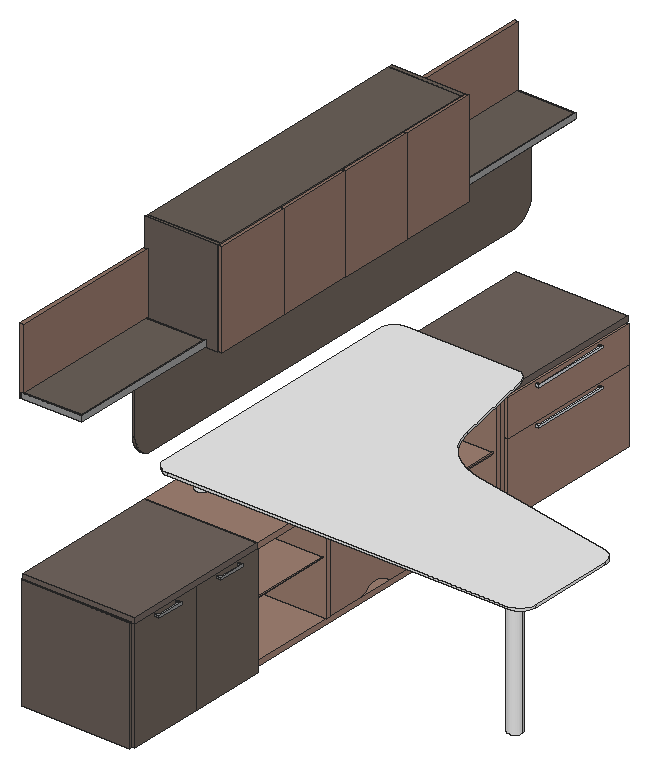
Revit family "T100103", category Furniture, Revit 2022 (continued)
Definition of nested family "OFS STAKS HEIGHT ADJUSTABLE SWEEP TOP DESK 74x60 Top 22D Cabinet"
  Definition of nested family "H4H"
    Automatic sketch dimensions
      Extrusion 3 sketch curve to plane 14 = 0"
      Extrusion 3 sketch curve to plane 8 = 0"
      Extrusion 4 sketch curve to plane 13 = 0"
      Extrusion 4 sketch curve to plane 14 = 0"
      Extrusion 4 sketch curve to plane 11 = 0"
      plane 10 to Extrusion 4 sketch curve = 0"
      Extrusion 5 sketch curve to plane 11 = 0"
      Extrusion 5 sketch curve to plane 12 = 0"
      Extrusion 5 sketch curve to plane 15 = 0"
      Extrusion 5 sketch curve to plane 8 = 0"
      Revolve 6 sketch curve to plane 6 = 0"
      Revolve 6 sketch curve to level = 0"
      level to Revolve 6 sketch curve = 0.28743"
      Revolve 6 sketch curve to plane 13 = 1.02953"
      Revolve 6 sketch curve to Revolve 6 sketch curve = 1/2"  (x2)
      Revolve 6 sketch curve to Revolve 6 sketch curve = 0"  (x3)
      Revolve 6 sketch curve to plane 7 = 1/4"
      Revolve 6 sketch curve to level = 1/2"
      Revolve 7 sketch curve to plane 6 = 0"
      Revolve 7 sketch curve to level = 0"
      level to Revolve 7 sketch curve = 0.28743"
      plane 14 to Revolve 7 sketch curve = 1.02953"
      Revolve 7 sketch curve to Revolve 7 sketch curve = 1/2"  (x2)
      Revolve 7 sketch curve to Revolve 7 sketch curve = 0"  (x2)
      Revolve 7 sketch curve to level = 1/2"
      Revolve 7 sketch curve to Revolve 7 sketch curve = 0.14371"
      Revolve 7 sketch curve to plane 7 = 1/4"
      Extrusion 8 sketch curve to plane 13 = 0"
      Extrusion 8 sketch curve to plane 9 = 0"
      Extrusion 8 sketch curve to plane 10 = 0"
      plane 14 to Extrusion 8 sketch curve = 0"
Definition of nested family "OFS STAKS Rectangular Worksurface 22 Depth Long Grain"
  Parameters (values of type "Rectangular Worksurface 15.625" Width")
    URL = "https://ofs.com/"
    Height = 1"
    Depth = 22"
    Model = "6-MCT-15.625/22"
    Manufacturer = "OFS"
    Description = "OFS STAKS Rectangular Worksurface 15.625\" Width Long Grain"
    Width = 15 5/8"
    Default Elevation = 0"
    Copyright © = "© OFS 2022"
    Catalog = "https://ofs.com/products/workspaces/private-office/staks"
    Authoring Version = "Autodesk Revit Architecture 2015"
    Assembly Code = "E2020200"
  Types (26): name | Height | Depth | Model | Description | Width
    Rectangular Worksurface 15.625" Width | 1" | 22" | "6-MCT-15.625/22" | "OFS STAKS Rectangular Worksurface 15.625\" Width Long Grain" | 15 5/8"
    Rectangular Worksurface 48" Width | 0" | 22" | "6-MCT-48/22" | "OFS STAKS Rectangular Worksurface 48\" Width Long Grain" | 48"
    Rectangular Worksurface 66" Width | 0" | 22" | "6-MCT-66/22" | "OFS STAKS Rectangular Worksurface 66\" Width Long Grain" | 66"
    Rectangular Worksurface 54" Width | 0" | 22" | "6-MCT-54/22" | "OFS STAKS Rectangular Worksurface 54\" Width Long Grain" | 54"
    Rectangular Worksurface 70.5" Width | 0" | 22" | "6-MCT-70.5/22" | "OFS STAKS Rectangular Worksurface 70.5\" Width Long Grain" | 70 1/2"
    Rectangular Worksurface 48.5" Width | 0" | 16 1/2" | "6-MCT-48.5/22" | "OFS STAKS Rectangular Worksurface 48.5\" Width Long Grain" | 48 1/2"
    Rectangular Worksurface 69.625" Width | 0" | 22" | "6-MCT-69.625/22" | "OFS STAKS Rectangular Worksurface 69.625\" Width Long Grain" | 69 5/8"
    Rectangular Worksurface 24" Width | 0" | 22" | "6-MCT-24/22" | "OFS STAKS Rectangular Worksurface 24\" Width Long Grain" | 24"
    Rectangular Worksurface 30" Width | 0" | 22" | "6-MCT-30/22" | "OFS STAKS Rectangular Worksurface 30\" Width Long Grain" | 30"
    Rectangular Worksurface 34" Width | 0" | 22" | "6-MCT-34/22" | "OFS STAKS Rectangular Worksurface 34\" Width Long Grain" | 34"
    Rectangular Worksurface 55.5" Width | 0" | 22" | "6-MCT-55.5/22" | "OFS STAKS Rectangular Worksurface 55.5\" Width Long Grain" | 55 1/2"
    Rectangular Worksurface 72" Width | 0" | 22" | "6-MCT-72/22" | "OFS STAKS Rectangular Worksurface 72\" Width Long Grain" | 72"
    Rectangular Worksurface 82.5" Width | 0" | 22" | "6-MCT-82.5/22" | "OFS STAKS Rectangular Worksurface 82.5\" Width Long Grain" | 82 1/2"
    Rectangular Worksurface 36" Width | 0" | 22" | "6-MCT-36/22" | "OFS STAKS Rectangular Worksurface 36\" Width Long Grain" | 36"
    Rectangular Worksurface 59" Width | 0" | 22" | "6-MCT-59/22" | "OFS STAKS Rectangular Worksurface 59\" Width Long Grain" | 59"
    Rectangular Worksurface 74" Width | 0" | 22" | "6-MCT-74/22" | "OFS STAKS Rectangular Worksurface 74\" Width Long Grain" | 74"
    Rectangular Worksurface 84" Width | 0" | 22" | "6-MCT-84/22" | "OFS STAKS Rectangular Worksurface 84\" Width Long Grain" | 84"
    Rectangular Worksurface 42" Width | 0" | 22" | "6-MCT-42/22" | "OFS STAKS Rectangular Worksurface 42\" Width Long Grain" | 42"
    Rectangular Worksurface 60" Width | 0" | 22" | "6-MCT-60/22" | "OFS STAKS Rectangular Worksurface 60\" Width Long Grain" | 60"
    Rectangular Worksurface 78" Width | 0" | 22" | "6-MCT-78/22" | "OFS STAKS Rectangular Worksurface 78\" Width Long Grain" | 78"
    Rectangular Worksurface 87.625" Width | 0" | 22" | "6-MCT-87.625/22" | "OFS STAKS Rectangular Worksurface 87.625\" Width Long Grain" | 87 5/8"
    Rectangular Worksurface 90" Width | 0" | 22" | "6-MCT-90/22" | "OFS STAKS Rectangular Worksurface 90\" Width Long Grain" | 90"
    Rectangular Worksurface 94" Width | 0" | 22" | "6-MCT-94/22" | "OFS STAKS Rectangular Worksurface 94\" Width Long Grain" | 94"
    Rectangular Worksurface 96" Width | 0" | 22" | "6-MCT-96/22" | "OFS STAKS Rectangular Worksurface 96\" Width Long Grain" | 96"
    Rectangular Worksurface 64" Width | 0" | 22" | "6-MCT-64/22" | "OFS STAKS Rectangular Worksurface 66\" Width Long Grain" | 64"
    Rectangular Worksurface 46" Width | 0" | 22" | "6-MCT-46/22" | "OFS STAKS Rectangular Worksurface 48\" Width Long Grain" | 46"
  Reference planes (in)
    plane 1: z = -0.125
    plane 2 "LEFT": x = 7.55498
    plane 3 "RIGHT": x = 23.17998
    plane 4 "BACK": y = -1.83365
    plane 5 "FRONT": y = -23.83365
    plane 6: x = 7.67998
    plane 7: x = 23.05498
    plane 8: y = -1.95865
    plane 9: y = -23.70865
    plane 10: z = 27.875
    plane 11 "SURFACE TOP": z = 28.875
  Forms (in)
    Extrusion 1, solid
      sketch origin (0, 0, 17.125) x (-1, 0, 0) y (0, -1, 0)
        loop
          line (-7.67998, 1.95865) -> (-7.67998, 23.70865) -> (-23.05498, 23.70865) -> (-23.05498, 1.95865) -> (-7.67998, 1.95865)
      from 11.75 to 10.75
  Lines and regions (in)
    Masking region 1
      outline origin (0, 0, 16.625) x (-1, 0, 0) y (0, -1, 0)
        loop
          line (-7.67998, 1.95865) -> (-7.55498, 1.83365) -> (-7.55498, 23.83365) -> (-7.67998, 23.70865) -> (-7.67998, 1.95865)
    Masking region 2
      outline origin (0, 0, 16.625) x (-1, 0, 0) y (0, -1, 0)
        loop
          line (-7.55498, 1.83365) -> (-7.67998, 1.95865) -> (-23.05498, 1.95865) -> (-23.17998, 1.83365) -> (-7.55498, 1.83365)
    Masking region 3
      outline origin (0, 0, 16.625) x (-1, 0, 0) y (0, -1, 0)
        loop
          line (-23.17998, 1.83365) -> (-23.05498, 1.95865) -> (-23.05498, 23.70865) -> (-23.17998, 23.83365) -> (-23.17998, 1.83365)
    Masking region 4
      outline origin (0, 0, 16.625) x (-1, 0, 0) y (0, -1, 0)
        loop
          line (-23.17998, 23.83365) -> (-23.05498, 23.70865) -> (-7.67998, 23.70865) -> (-7.55498, 23.83365) -> (-23.17998, 23.83365)
    Masking region 5
      outline origin (0, 0, 16.625) x (-1, 0, 0) y (0, -1, 0)
        loop
          line (-23.05498, 23.70865) -> (-23.05498, 1.95865) -> (-7.67998, 1.95865) -> (-7.67998, 23.70865) -> (-23.05498, 23.70865)
  Dimensions and locks (in)
    "Depth": plane 4 "BACK" to plane 5 "FRONT"
    "Width": plane 2 "LEFT" to plane 3 "RIGHT"
    locked: plane 4 "BACK" to plane 8 at 0.125
    locked: plane 2 "LEFT" to plane 6 at 0.125
    locked: plane 7 to plane 3 "RIGHT" at 0.125
    locked: plane 9 to plane 5 "FRONT" at 0.125
    plane 11 "SURFACE TOP" to plane 10 = 1"  (x2)
    aligned: level to plane 1
    aligned and locked: plane 8 to Extrusion 1 sketch curve
    aligned and locked: Extrusion 1 sketch curve to plane 6
    aligned and locked: Extrusion 1 sketch curve to plane 9
    aligned and locked: plane 7 to Extrusion 1 sketch curve
    aligned and locked: plane 11 "SURFACE TOP" to Extrusion 1
    aligned and locked: Extrusion 1 to plane 10
  Automatic sketch dimensions
    Masking region 1 sketch curve to plane 6 = 0"
    Masking region 1 sketch curve to plane 2 "LEFT" = 0"
    Masking region 1 sketch curve to plane 4 "BACK" = 0"
    Masking region 1 sketch curve to plane 8 = 0"
    Masking region 1 sketch curve to plane 9 = 0"
    Masking region 1 sketch curve to plane 5 "FRONT" = 0"
    Masking region 2 sketch curve to plane 3 "RIGHT" = 0"
    Masking region 2 sketch curve to plane 7 = 0"
    Masking region 2 sketch curve to plane 6 = 0"
    Masking region 2 sketch curve to plane 2 "LEFT" = 0"
    Masking region 2 sketch curve to plane 4 "BACK" = 0"
    Masking region 2 sketch curve to plane 8 = 0"
    Masking region 3 sketch curve to plane 3 "RIGHT" = 0"
    Masking region 3 sketch curve to plane 7 = 0"
    Masking region 3 sketch curve to plane 4 "BACK" = 0"
    Masking region 3 sketch curve to plane 8 = 0"
    Masking region 3 sketch curve to plane 9 = 0"
    Masking region 3 sketch curve to plane 5 "FRONT" = 0"
    Masking region 4 sketch curve to plane 3 "RIGHT" = 0"
    Masking region 4 sketch curve to plane 7 = 0"
    Masking region 4 sketch curve to plane 6 = 0"
    Masking region 4 sketch curve to plane 2 "LEFT" = 0"
    Masking region 4 sketch curve to plane 9 = 0"
    Masking region 4 sketch curve to plane 5 "FRONT" = 0"
    Masking region 5 sketch curve to plane 7 = 0"
    Masking region 5 sketch curve to plane 6 = 0"
    Masking region 5 sketch curve to plane 8 = 0"
    Masking region 5 sketch curve to plane 9 = 0"
Definition of nested family "STAKS LOW HEIGHT DOOR CABINET - NO RISER SUPPORT"
  Parameters (values of type "STAKS LOW HEIGHT DOOR CABINET - NO RISER SUPPORT 30 x 22")
    URL = "http://www.ofs.com/"
    Riser Support = 0"
    Model = "6-NL3022MPD4"
    Manufacturer = "OFS"
    Height = 21 7/8"
    Drawer Material = none
    Drawer Handle Width = 5 7/16"
    Drawer Handle Material = none
    Description = "OFS BRANDS FIRST OFFICE STAKS LOW HEIGHT DOOR CABINET - NO RISER SUPPORT 30\" W x 22\" D, One Adjustable Shelf & One Stationary Shelf, Use with 22\"D Worksurfaces"
    Width = 30"
    Depth = 21 7/8"
    Default Elevation = 0"
    DH2 = 6 1/2"
    DH1 = 14 3/8"
    Copyright © = "© 2018 OFS"
    Chasis Material = none
    Catalog = "https://ofs.com/products/casegoods/private-office/staks"
    Board Thickness = 3/4"
    Authoring Version = "Autodesk Revit Architecture 2013"
    Assembly Code = "E2020200"
  Types (6): name | Model | Description | Width | Depth
    STAKS LOW HEIGHT DOOR CABINET - NO RISER SUPPORT 24 x 19 | "6-NL2419MPD4" | "OFS BRANDS FIRST OFFICE STAKS LOW HEIGHT DOOR CABINET - NO RISER SUPPORT 24\" W x 19\" D, One Adjustable Shelf & One Stationary Shelf, Use with 22\"D Worksurfaces" | 24" | 19 3/8"
    STAKS LOW HEIGHT DOOR CABINET - NO RISER SUPPORT 24 x 22 | "6-NL2422MPD4" | "OFS BRANDS FIRST OFFICE STAKS LOW HEIGHT DOOR CABINET - NO RISER SUPPORT 24\" W x 22\" D, One Adjustable Shelf & One Stationary Shelf, Use with 22\"D Worksurfaces" | 24" | 21 7/8"
    STAKS LOW HEIGHT DOOR CABINET - NO RISER SUPPORT 30 x 22 | "6-NL3022MPD4" | "OFS BRANDS FIRST OFFICE STAKS LOW HEIGHT DOOR CABINET - NO RISER SUPPORT 30\" W x 22\" D, One Adjustable Shelf & One Stationary Shelf, Use with 22\"D Worksurfaces" | 30" | 21 7/8"
    STAKS LOW HEIGHT DOOR CABINET - NO RISER SUPPORT 30 x 19 | "6-NL3019MPD4" | "OFS BRANDS FIRST OFFICE STAKS LOW HEIGHT DOOR CABINET - NO RISER SUPPORT 30\" W x 19\" D, One Adjustable Shelf & One Stationary Shelf, Use with 22\"D Worksurfaces" | 30" | 19 3/8"
    STAKS LOW HEIGHT DOOR CABINET - NO RISER SUPPORT 36 x 19 | "6-NL3619MPD4" | "OFS BRANDS FIRST OFFICE STAKS LOW HEIGHT DOOR CABINET - NO RISER SUPPORT 36\" W x 19\" D, One Adjustable Shelf & One Stationary Shelf, Use with 22\"D Worksurfaces" | 36" | 19 3/8"
    STAKS LOW HEIGHT DOOR CABINET - NO RISER SUPPORT 36 x 22 | "6-NL3622MPD4" | "OFS BRANDS FIRST OFFICE STAKS LOW HEIGHT DOOR CABINET - NO RISER SUPPORT 36\" W x 22\" D, One Adjustable Shelf & One Stationary Shelf, Use with 22\"D Worksurfaces" | 36" | 21 7/8"
  Reference planes (in)
    plane 1: z = 0
    plane 2 "Right": x = 20.97711
    plane 3: z = 21.875
    plane 4: z = 14.375
    plane 5: z = 14.25
    plane 6: z = 0
    plane 7: z = 14
    plane 8: z = 21.625
    plane 9: z = 13.531
    plane 10: z = 21.15625
    plane 11: x = 5.97711
    plane 12: y = -1.12465
    plane 13: y = -1.87465
    plane 14: x = 6.03961
    plane 15: x = 35.91411
    plane 16: x = 6.72711
    plane 17: y = 20.00035
    plane 18: x = 35.97711
    plane 19: x = 35.22711
    plane 20: y = -2.68715
    plane 21: y = -2.87465
    plane 22: z = 20.875
    plane 23: z = 20.75
    plane 24: z = 20.5
    plane 25: z = 20.031
    plane 26: z = 0.25
    plane 27: y = 19.25035
    plane 28: z = 0.75
    plane 29: y = 16.75035
    plane 30: y = 1.87535
    plane 31: y = 5.87535
    plane 32: y = 12.75035
    plane 33: y = 2.50035
    plane 34: y = 13.37535
    plane 35: z = 22
    plane 36: x = 21.35211
    plane 37: x = 20.60211
    plane 38: x = 21.04011
    plane 39: x = 20.91461
    plane 40: x = 13.47711
    plane 41: x = 16.19586
    plane 42: x = 10.75836
    plane 43: x = 11.13336
    plane 44: x = 15.82086
    plane 45: x = 28.47711
    plane 46: x = 25.75836
    plane 47: x = 31.19586
    plane 48: x = 30.82086
    plane 49: x = 26.13336
  Forms (in)
    Extrusion 1, solid, material <- "Chasis Material"
      sketch origin (-3, -1.24965, 0) x (1, 0, 0) y (0, 0, 1)
        loop
          line (8.97711, 0) -> (9.72711, 0) -> (9.72711, 21.875) -> (8.97711, 21.875) -> (8.97711, 0)
      from -21.25 to -0.125
    Extrusion 2, solid, material <- "Chasis Material"
      sketch origin (19.35211, 31.02324, 0) x (0, 1, 0) y (0, 0, 1)
        loop
          line (-11.77289, 0) -> (-11.02289, 0) -> (-11.02289, 21.875) -> (-11.77289, 21.875) -> (-11.77289, 0)
      from -12.625 to 15.875
    Extrusion 3, solid, material <- "Chasis Material"
      sketch origin (0, 0, 0) x (1, 0, 0) y (0, 1, 0)
        loop
          line (35.97711, 20.00035) -> (35.22711, 20.00035) -> (35.22711, -1.12465) -> (35.97711, -1.12465) -> (35.97711, 20.00035)
      from 0 to 21.875
    Extrusion 4, solid, material <- "Drawer Material"
      sketch origin (20.35211, 2.25, 0.06985) x (0, 1, 0) y (0, 0, 1)
        loop
          line (-4.12465, 21.80515) -> (-4.12465, 0.18015) -> (-3.37465, 0.18015) -> (-3.37465, 21.80515) -> (-4.12465, 21.80515)
      from -14.3125 to 0.5625
    Extrusion 5, solid, material <- "Drawer Handle Material"
      sketch origin (9, 0, 28.42137) x (1, 0, 0) y (0, 1, 0)
        loop
          line (1.75836, -1.87465) -> (1.75836, -2.87465) -> (7.19586, -2.87465) -> (7.19586, -1.87465) -> (6.82086, -1.87465) -> (6.82086, -2.68715) -> (2.13336, -2.68715) -> (2.13336, -1.87465) -> (1.75836, -1.87465)
      from -7.26512 to -6.79637
    Extrusion 6, solid, material <- "Chasis Material"
      sketch origin (-29.79592, -7.12465, 7.24693) x (1, 0, 0) y (0, 0, 1)
        loop
          line (36.52304, 13.90932) -> (65.02304, 13.90932) -> (65.02304, 14.62807) -> (36.52304, 14.62807) -> (36.52304, 13.90932)
      from -26.375 to -6
    Extrusion 7, solid, material <- "Chasis Material"
      sketch origin (-31.5409, -1.62465, -42.72261) x (1, 0, 0) y (0, 0, 1)
        loop
          line (38.26801, 42.72261) -> (66.76801, 42.72261) -> (66.76801, 43.47261) -> (38.26801, 43.47261) -> (38.26801, 42.72261)
      from -20.875 to -0.5
    Extrusion 8, solid
      sketch origin (0, 0, 0) x (1, 0, 0) y (0, 1, 0)
        loop
          line (35.91411, 20.00035) -> (35.22711, 20.00035) -> (35.22711, -1.12465) -> (35.91411, -1.12465) -> (35.91411, 20.00035)
        loop
          line (6.03961, 20.00035) -> (6.03961, -1.12465) -> (6.72711, -1.12465) -> (6.72711, 20.00035) -> (6.03961, 20.00035)
      from 21.875 to 22
    Extrusion 9, solid, material <- "Drawer Material"
      sketch origin (21.60211, 2.25, 0.06985) x (0, 1, 0) y (0, 0, -1)
        loop
          line (-4.12465, -21.80515) -> (-3.37465, -21.80515) -> (-3.37465, -0.18015) -> (-4.12465, -0.18015) -> (-4.12465, -21.80515)
      from -14.312 to 0.562
    Extrusion 10, solid, material <- "Drawer Handle Material"
      sketch origin (32.95422, 0, 28.42137) x (-1, 0, 0) y (0, -1, 0)
        loop
          line (1.75836, 1.87465) -> (2.13336, 1.87465) -> (2.13336, 2.68715) -> (6.82086, 2.68715) -> (6.82086, 1.87465) -> (7.19586, 1.87465) -> (7.19586, 2.87465) -> (1.75836, 2.87465) -> (1.75836, 1.87465)
      from -7.26512 to -6.79637
  Dimensions and locks (in)
    "Board Thickness": plane 13 to plane 12
    locked: plane 11 to plane 14 at 0.0625
    "Board Thickness": plane 11 to plane 16
    locked: plane 15 to plane 18 at 0.063
    "Width": plane 11 to plane 18
    Extrusion 3 sketch curve to plane 18 = 3/4"
    "Board Thickness": plane 19 to plane 18
    equal spacing: plane 11, plane 2 "Right", plane 18
    plane 21 to plane 20 to plane 13 = 3/16" locked, 13/16" locked
    "Riser Support": plane 6 to level
    "Height": plane 3 to plane 6
    "DH1": plane 4 to plane 6
    "DH2": plane 22 to plane 4
    locked: plane 26 to plane 6 at 0.25
    "Board Thickness": plane 27 to plane 17
    "Depth": plane 13 to plane 17
    plane 4 to plane 5 to plane 7 to plane 9 = 1/8" locked, 1/4" locked, 0.469" locked
    plane 22 to plane 23 to plane 24 to plane 25 = 1/8" locked, 1/4" locked, 0.469" locked
    plane 3 to plane 8 to plane 10 = 1/4" locked, 15/32" locked
    "Board Thickness": plane 28 to plane 6
    plane 12 to plane 30 to plane 31 = 3" locked, 4" locked
    plane 32 to plane 29 to plane 27 = 4" locked, 2 1/2" locked
    locked: plane 30 to plane 33 at 0.625
    locked: plane 32 to plane 34 at 0.625
    locked: plane 35 to plane 3 at 0.125
    equal spacing: plane 37, plane 2 "Right", plane 36
    "Board Thickness": plane 37 to plane 36
    plane 38 to plane 2 "Right" to plane 39 = 0.063", 1/16" locked
    equal spacing: plane 14, plane 40, plane 39
    "Drawer Handle Width": plane 42 to plane 41
    locked: plane 42 to plane 43 at 0.375
    locked: plane 44 to plane 41 at 0.375
    equal spacing: plane 15, plane 45, plane 38
    "Drawer Handle Width": plane 47 to plane 46
    locked: plane 47 to plane 48 at 0.375
    locked: plane 49 to plane 46 at 0.375
    equal spacing: plane 42, plane 40, plane 41
    equal spacing: plane 46, plane 45, plane 47
    aligned and locked: level to plane 1
    aligned and locked: plane 12 to Extrusion 1
    aligned and locked: Extrusion 1 to plane 17
    aligned and locked: Extrusion 2 to plane 16
    aligned and locked: plane 16 to Extrusion 1
    aligned and locked: Extrusion 1 to plane 11
    aligned and locked: Extrusion 2 to plane 17
    aligned and locked: plane 19 to Extrusion 2
    aligned and locked: plane 3 to Extrusion 1
    aligned and locked: plane 3 to Extrusion 2
    aligned and locked: plane 3 to Extrusion 4
    aligned and locked: Extrusion 5 to plane 10
    aligned and locked: plane 8 to Extrusion 5
    aligned and locked: Extrusion 3 to plane 19
    aligned and locked: Extrusion 4 to plane 14
    aligned and locked: plane 3 to Extrusion 3
    aligned and locked: Extrusion 3 to plane 6
    aligned and locked: plane 3 to Extrusion 6
    aligned and locked: Extrusion 6 to plane 10
    aligned and locked: plane 28 to Extrusion 7
    aligned and locked: Extrusion 7 to plane 6
    aligned and locked: Extrusion 7 to plane 27
    aligned and locked: plane 12 to Extrusion 7
    aligned and locked: plane 19 to Extrusion 7
    aligned and locked: Extrusion 7 to plane 16
    aligned and locked: Extrusion 8 to plane 3
    aligned and locked: plane 35 to Extrusion 8
    aligned and locked: Extrusion 4 to plane 26
    aligned and locked: Extrusion 4 to plane 39
    aligned and locked: plane 15 to Extrusion 9
    aligned and locked: Extrusion 9 to plane 26
    aligned and locked: Extrusion 9 to plane 38
    aligned and locked: plane 3 to Extrusion 9
    aligned and locked: Extrusion 5 to plane 42
    aligned and locked: plane 43 to Extrusion 5
    aligned and locked: plane 44 to Extrusion 5
    aligned and locked: Extrusion 5 to plane 41
    aligned and locked: Extrusion 10 to plane 46
    aligned and locked: plane 49 to Extrusion 10
    aligned and locked: plane 48 to Extrusion 10
    aligned and locked: Extrusion 10 to plane 47
    aligned and locked: Extrusion 10 to plane 20
    aligned and locked: plane 21 to Extrusion 10
    aligned and locked: plane 8 to Extrusion 10
    aligned and locked: Extrusion 10 to plane 10
    aligned and locked: Extrusion 2 to plane 6
    aligned and locked: Extrusion 1 to plane 6
    aligned and locked: Extrusion 8 sketch curve to plane 12  (x2)
    aligned and locked: plane 12 to Extrusion 6
    aligned and locked: Extrusion 6 to plane 27
  Automatic sketch dimensions
    level to Extrusion 1 sketch curve = 0"
    Extrusion 1 sketch curve to plane 11 = 0"
    Extrusion 1 sketch curve to plane 3 = 0"
    Extrusion 1 sketch curve to plane 16 = 0"
    level to Extrusion 2 sketch curve = 0"
    Extrusion 2 sketch curve to plane 3 = 0"
    Extrusion 2 sketch curve to plane 17 = 0"
    plane 27 to Extrusion 2 sketch curve = 0"
    plane 12 to Extrusion 3 sketch curve = 0"
    Extrusion 3 sketch curve to plane 18 = 0"
    plane 17 to Extrusion 3 sketch curve = 0"
    Extrusion 4 sketch curve to plane 3 = 0"
    Extrusion 4 sketch curve to plane 13 = 0"
    Extrusion 4 sketch curve to plane 12 = 0"
    Extrusion 4 sketch curve to plane 26 = 0"
    plane 13 to Extrusion 5 sketch curve = 0"  (x2)
    Extrusion 5 sketch curve to plane 42 = 0"
    Extrusion 5 sketch curve to plane 43 = 0"
    plane 20 to Extrusion 5 sketch curve = 0"
    Extrusion 5 sketch curve to plane 44 = 0"
    Extrusion 5 sketch curve to plane 41 = 0"
    plane 21 to Extrusion 5 sketch curve = 0"
    Extrusion 6 sketch curve to plane 10 = 0"
    Extrusion 6 sketch curve to plane 16 = 0"
    Extrusion 6 sketch curve to plane 3 = 0"
    Extrusion 6 sketch curve to plane 19 = 0"
    level to Extrusion 7 sketch curve = 0"
    Extrusion 7 sketch curve to plane 16 = 0"
    Extrusion 7 sketch curve to plane 19 = 0"
    Extrusion 7 sketch curve to plane 28 = 0"
    Extrusion 8 sketch curve to plane 14 = 0"
    Extrusion 8 sketch curve to plane 16 = 0"
    plane 17 to Extrusion 8 sketch curve = 0"  (x2)
    Extrusion 8 sketch curve to plane 15 = 0"
    Extrusion 9 sketch curve to plane 3 = 0"
    Extrusion 9 sketch curve to plane 13 = 0"
    Extrusion 9 sketch curve to plane 12 = 0"
    Extrusion 9 sketch curve to plane 26 = 0"
    plane 13 to Extrusion 10 sketch curve = 0"  (x2)
    Extrusion 10 sketch curve to plane 47 = 0"
    Extrusion 10 sketch curve to plane 48 = 0"
    plane 20 to Extrusion 10 sketch curve = 0"
    Extrusion 10 sketch curve to plane 49 = 0"
    Extrusion 10 sketch curve to plane 46 = 0"
    plane 21 to Extrusion 10 sketch curve = 0"
    Extrusion 8 sketch curve to plane 19 = 0"
Definition of nested family "OFS STAKS File Pedestal No Riser Support 30 Width"
  Parameters (values of type "Low Height Tray/File Pedestal No Riser Support 21.125" Depth")
    URL = "https://ofs.com/"
    Height = 21 7/8"
    Finish Material = none
    Depth = 21 1/8"
    Model = "6-NL3022MPD8"
    Manufacturer = "OFS"
    Description = "OFS STAKS Low Height Tray/File Pedestal No Riser Support 21.125\" Depth 30 Width"
    Width = 30"
    Default Elevation = 0"
    Copyright © = "© OFS 2022"
    Catalog = "https://ofs.com/products/workspaces/private-office/staks"
    Authoring Version = "Autodesk Revit Architecture 2015"
    Assembly Code = "E2020200"
  Types (3): name | Height | Depth | Model | Description
    Low Height Tray/File Pedestal No Riser Support 16.375" Depth | 21.55503" | 16 3/8" | "6-NL2417MPD8" | "OFS STAKS Low Height Tray/File Pedestal No Riser Support 16.375\" Depth 30 Width"
    Low Height Tray/File Pedestal No Riser Support 19.375" Depth | 21 7/8" | 19 3/8" | "6-NL3019MPD8" | "OFS STAKS Low Height Tray/File Pedestal No Riser Support 19.375\" Depth 30 Width"
    Low Height Tray/File Pedestal No Riser Support 21.125" Depth | 21 7/8" | 21 1/8" | "6-NL3022MPD8" | "OFS STAKS Low Height Tray/File Pedestal No Riser Support 21.125\" Depth 30 Width"
  Reference planes (in)
    plane 1: z = -0.125
    plane 2 "LEFT": x = 5.30673
    plane 3 "BACK": y = -1.83365
    plane 4 "FRONT": y = -22.95865
    plane 5: z = 21.75
    plane 6: x = 4.55673
    plane 7: y = -2.58365
    plane 8: y = -22.20865
    plane 9: y = -23.70865
    plane 10: x = 33.80673
    plane 11: z = 14.39873
    plane 12: z = 14.30498
    plane 13: z = 0.375
    plane 14: x = 19.55673
    plane 15: x = 34.55673
    plane 16: x = 11.80498
    plane 17: z = 14.05498
    plane 18: y = -10.52115
    plane 19: x = 27.30848
  Forms (in)
    Extrusion 1, solid, material <- "Finish Material"
      sketch origin (0, 0, 28.875) x (0, 1, 0) y (-1, 0, 0)
        loop
          line (-1.83365, -5.30673) -> (-1.83365, -4.55673) -> (-22.20865, -4.55673) -> (-22.20865, -5.30673) -> (-1.83365, -5.30673)
      from -7.125 to -28.5
    Extrusion 2, solid, material <- "Finish Material"
      sketch origin (39.10996, 0, 28.875) x (0, 1, 0) y (-1, 0, 0)
        loop
          line (-1.83365, 4.55323) -> (-1.83365, 5.30323) -> (-22.20865, 5.30323) -> (-22.20865, 4.55323) -> (-1.83365, 4.55323)
      from -7.44497 to -29
    Extrusion 3, solid, material <- "Finish Material"
      sketch origin (25.88863, -9.15367, 28.875) x (1, 0, 0) y (0, 1, 0)
        loop
          line (8.6681, -13.80498) -> (8.6681, -13.05498) -> (-20.5819, -13.05498) -> (-20.5819, -13.80498) -> (8.6681, -13.80498)
      from -7.125 to -14.47627
    Extrusion 4, solid
      sketch origin (0, 0, 21.0313) x (0, 1, 0) y (-1, 0, 0)
        loop
          line (-23.70865, -11.80498) -> (-23.70865, -27.30848) -> (-22.95865, -27.30848) -> (-22.95865, -26.92998) -> (-23.52115, -26.92998) -> (-23.52115, -12.17998) -> (-22.95865, -12.17998) -> (-22.95865, -11.80498) -> (-23.70865, -11.80498)
      from 0.14878 to -0.31997
    Extrusion 5, solid
      sketch origin (0, 0, 14.05498) x (0, 1, 0) y (-1, 0, 0)
        loop
          line (-23.70865, -11.80498) -> (-23.70865, -27.30848) -> (-22.95865, -27.30848) -> (-22.95865, -26.92998) -> (-23.52115, -26.92998) -> (-23.52115, -12.17998) -> (-22.95865, -12.17998) -> (-22.95865, -11.80498) -> (-23.70865, -11.80498)
      from 0 to -0.46875
    Extrusion 6, solid, material <- "Finish Material"
      sketch origin (25.88863, -9.15367, 21.75508) x (1, 0, 0) y (0, 1, 0)
        loop
          line (8.6681, -13.80498) -> (8.6681, -13.05498) -> (-20.5819, -13.05498) -> (-20.5819, -13.80498) -> (8.6681, -13.80498)
      from -7.4501 to -21.70005
    Extrusion 7, solid
      sketch origin (0, 0, 28.875) x (0, 1, 0) y (-1, 0, 0)
        loop
          line (-2.58365, -4.55673) -> (-6.58365, -4.55673) -> (-6.58365, -33.80673) -> (-2.58365, -33.80673) -> (-2.58365, -4.55673)
      from -27.75 to -28.5
    Extrusion 8, solid, material <- "Finish Material"
      sketch origin (0, 0, 7.93003) x (0, 1, 0) y (-1, 0, 0)
        loop
          line (-2.58365, -4.55673) -> (-22.20865, -4.55673) -> (-22.20865, -33.80673) -> (-2.58365, -33.80673) -> (-2.58365, -4.55673)
      from 13.10127 to 13.5
    Extrusion 9, solid
      sketch origin (0, -21.13606, 28.875) x (0, -1, 0) y (1, 0, 0)
        loop
          line (1.0726, 4.55673) -> (1.0726, 33.80673) -> (-2.9274, 33.80673) -> (-2.9274, 4.55673) -> (1.0726, 4.55673)
      from -27.75 to -28.5
  Dimensions and locks (in)
    "Height": plane 5 to level
    "Depth": plane 3 "BACK" to plane 4 "FRONT"
    plane 3 "BACK" to plane 18 to plane 4 "FRONT" = 8 11/16", 12 7/16"
    locked: plane 3 "BACK" to plane 7 at 0.75
    locked: plane 4 "FRONT" to plane 8 at 0.75
    locked: plane 10 to plane 15 at 0.75
    plane 16 to plane 14 = 7.75175"
    plane 4 "FRONT" to plane 9 = 3/4"
    locked: plane 5 to Extrusion 8 at 0.7187
    locked: plane 6 to plane 2 "LEFT" at 0.75
    locked: plane 7 to Extrusion 7 at 4
    locked: plane 8 to Extrusion 9 at 4
    equal spacing: plane 6, plane 14, plane 15
    "Width": plane 6 to plane 15
    aligned: level to plane 1
    aligned and locked: plane 16 to Extrusion 4  (x2)
    aligned and locked: plane 16 to Extrusion 5
    aligned and locked: plane 5 to Extrusion 1
    aligned and locked: Extrusion 1 to plane 5
    aligned and locked: plane 3 "BACK" to Extrusion 1
    aligned and locked: Extrusion 3 to Extrusion 1
    aligned and locked: Extrusion 2 to Extrusion 3
    aligned and locked: Extrusion 1 to Extrusion 3
    aligned and locked: Extrusion 2 to Extrusion 6
    aligned and locked: Extrusion 6 to Extrusion 1
    aligned and locked: plane 17 to Extrusion 5
    aligned and locked: plane 12 to Extrusion 6
    aligned and locked: Extrusion 3 to plane 11
    aligned and locked: plane 4 "FRONT" to Extrusion 3
    aligned and locked: Extrusion 1 to plane 2 "LEFT"
    aligned and locked: Extrusion 1 to plane 6
    aligned and locked: Extrusion 2 to plane 10
    aligned and locked: plane 4 "FRONT" to Extrusion 5  (x2)
    aligned and locked: plane 9 to Extrusion 5
    aligned and locked: plane 4 "FRONT" to Extrusion 4  (x2)
    aligned and locked: plane 9 to Extrusion 4  (x2)
    aligned and locked: plane 8 to Extrusion 1
    aligned and locked: plane 8 to Extrusion 2
    aligned and locked: Extrusion 7 sketch curve to plane 6
    aligned and locked: Extrusion 7 sketch curve to plane 10
    aligned and locked: Extrusion 7 to plane 13
    aligned and locked: Extrusion 7 to Extrusion 2
    aligned and locked: plane 6 to Extrusion 7
    aligned and locked: Extrusion 2 to plane 15
    aligned and locked: plane 5 to Extrusion 3
    aligned and locked: plane 19 to Extrusion 4
    aligned and locked: plane 6 to Extrusion 8  (x4)
    aligned and locked: plane 2 "LEFT" to Extrusion 1  (x2)
    aligned and locked: plane 6 to Extrusion 1
    aligned and locked: Extrusion 9 to Extrusion 1
  Automatic sketch dimensions
    Extrusion 1 sketch curve to plane 2 "LEFT" = 0"
    plane 8 to Extrusion 1 sketch curve = 0"
    Extrusion 1 sketch curve to plane 3 "BACK" = 0"
    Extrusion 1 sketch curve to plane 6 = 0"
    plane 8 to Extrusion 2 sketch curve = 0"
    Extrusion 2 sketch curve to plane 3 "BACK" = 0"
    Extrusion 2 sketch curve to plane 10 = 0"
    Extrusion 2 sketch curve to plane 15 = 0"
    Extrusion 3 sketch curve to plane 2 "LEFT" = 0"
    Extrusion 3 sketch curve to plane 4 "FRONT" = 0"
    Extrusion 3 sketch curve to plane 15 = 0"
    plane 8 to Extrusion 3 sketch curve = 0"
    plane 9 to Extrusion 4 sketch curve = 0"
    Extrusion 4 sketch curve to plane 4 "FRONT" = 0"  (x2)
    Extrusion 4 sketch curve to plane 19 = 0"
    Extrusion 4 sketch curve to plane 16 = 0"
    Extrusion 4 sketch curve to plane 9 = 3/16"
    Extrusion 4 sketch curve to plane 19 = 0.3785"
    Extrusion 4 sketch curve to plane 16 = 3/8"
    plane 9 to Extrusion 5 sketch curve = 0"
    Extrusion 5 sketch curve to plane 4 "FRONT" = 0"  (x2)
    Extrusion 5 sketch curve to plane 19 = 0"
    Extrusion 5 sketch curve to plane 16 = 0"
    Extrusion 5 sketch curve to plane 9 = 3/16"
    Extrusion 5 sketch curve to plane 19 = 0.3785"
    Extrusion 5 sketch curve to plane 16 = 3/8"
    Extrusion 6 sketch curve to plane 2 "LEFT" = 0"
    Extrusion 6 sketch curve to plane 4 "FRONT" = 0"
    Extrusion 6 sketch curve to plane 15 = 0"
    plane 8 to Extrusion 6 sketch curve = 0"
    Extrusion 7 sketch curve to plane 7 = 0"
    Extrusion 7 sketch curve to plane 18 = 3 15/16"
    Extrusion 8 sketch curve to plane 6 = 0"
    plane 8 to Extrusion 8 sketch curve = 0"
    Extrusion 8 sketch curve to plane 7 = 0"
    Extrusion 8 sketch curve to plane 10 = 0"
    Extrusion 9 sketch curve to plane 6 = 0"
    Extrusion 9 sketch curve to plane 10 = 0"
    plane 8 to Extrusion 9 sketch curve = 0"
    plane 18 to Extrusion 9 sketch curve = 7 11/16"
Definition of nested family "STAKS WALLMOUNT ORGANIZER WITH DOORS Four Doors"
  Parameters (values of type "STAKS WALLMOUNT ORGANIZER WITH DOORS Four Doors 60in W")
    URL = "http://www.ofs.com/"
    Top Board Thickness = 1 1/16"
    Height Above Floor [instance] = 71 1/2"
    Height = 18 1/2"
    Front Doors Material = none
    Default Elevation = 0"
    Back Material = none
    Depth = 15"
    Model = "6-6019HDW4"
    Manufacturer = "OFS"
    Description = "OFS STAKS WALLMOUNT ORGANIZER WITH DOORS Four Hinged Doors 60\" Width, for use with 60\"W Credenzas"
    Width = 60"
    Copyright © = "© 2018 OFS"
    Catalog = "https://ofs.com/products/casegoods/private-office/staks"
    Board Material = none
    Board Thickness = 3/4"
    Authoring Version = "Autodesk Revit Architecture 2013"
    Assembly Code = "E2020200"
    2D Symbol Lines [instance] = yes
  Types (6): name | Model | Description | Width
    STAKS WALLMOUNT ORGANIZER WITH DOORS Four Doors 54in W | "6-5419HDW4" | "OFS STAKS WALLMOUNT ORGANIZER WITH DOORS Four Hinged Doors 54\" Width, for use with 54\"W Modular Units" | 54"
    STAKS WALLMOUNT ORGANIZER WITH DOORS Four Doors 60in W | "6-6019HDW4" | "OFS STAKS WALLMOUNT ORGANIZER WITH DOORS Four Hinged Doors 60\" Width, for use with 60\"W Credenzas" | 60"
    STAKS WALLMOUNT ORGANIZER WITH DOORS Four Doors 66in W | "6-6619HDW4" | "OFS STAKS WALLMOUNT ORGANIZER WITH DOORS Four Hinged Doors 66\" Width, for use with 66\"W Credenzas" | 66"
    STAKS WALLMOUNT ORGANIZER WITH DOORS Four Doors 72in W | "6-7219HDW4" | "OFS STAKS WALLMOUNT ORGANIZER WITH DOORS Four Hinged Doors 72\" Width, for use with 72\"W Credenzas or 30\"W Desk and 42\"W Return" | 72"
    STAKS WALLMOUNT ORGANIZER WITH DOORS Four Doors 78in W | "6-7819HDW4" | "OFS STAKS WALLMOUNT ORGANIZER WITH DOORS Four Hinged Doors 78\" Width, for use with L Units Comprised of 36\"W Desk and 42\"W Return or 30\"W Desk and 48\"W Return" | 78"
    STAKS WALLMOUNT ORGANIZER WITH DOORS Four Doors 84in W | "6-8419HDW4" | "OFS STAKS WALLMOUNT ORGANIZER WITH DOORS Four Hinged Doors 84\" Width, for use with L Units Comprised of 36\"W Desk and 48\"W Return" | 84"
  Reference planes (in)
    plane 1: z = -0.125
    plane 2 "LEFT": x = -2.94502
    plane 3 "RIGHT": x = 57.05498
    plane 4 "BACK": y = -1.83365
    plane 5 "FRONT": y = -15.33365
    plane 6: x = -2.19502
    plane 7: x = 56.30498
    plane 8: z = 52.875
    plane 9 "SURFACE TOP": z = 71.375
    plane 10: x = 27.05498
    plane 11: z = 70.3125
    plane 12: y = -8.58365
    plane 13: y = -8.20865
    plane 14: y = -8.95865
    plane 15: x = 27.42998
    plane 16: x = 26.67998
    plane 17: y = -1.08365
    plane 18: y = -16.08365
    plane 19: x = 56.99248
    plane 20: x = -2.88252
    plane 21: x = 27.08623
    plane 22: x = 27.02373
    plane 23: z = 54.125
    plane 24: z = 54.875
    plane 25: y = -1.58365
    plane 26: y = -2.33365
    plane 27: y = -13.83365
    plane 28: y = -14.58365
    plane 29: x = 42.05498
    plane 30: x = 40.92998
    plane 31: x = 43.17998
    plane 32: x = 42.08623
    plane 33: x = 42.02373
    plane 34: x = 12.05498
    plane 35: x = 13.17998
    plane 36: x = 10.92998
    plane 37: x = 12.02373
    plane 38: x = 12.08623
  Forms (in)
    Extrusion 1, solid, material <- "Board Material"
      sketch origin (0, 0, 71.375) x (0, 1, 0) y (-1, 0, 0)
        loop
          line (-2.33365, 2.19502) -> (-15.33365, 2.19502) -> (-15.33365, -56.30498) -> (-2.33365, -56.30498) -> (-2.33365, 2.19502)
      from -16.5 to -17.25
    Extrusion 2, solid, material <- "Board Material"
      sketch origin (0, 0, 71.375) x (0, 1, 0) y (-1, 0, 0)
        loop
          line (-1.08365, 2.19502) -> (-1.08365, 2.94502) -> (-15.33365, 2.94502) -> (-15.33365, 2.19502) -> (-1.08365, 2.19502)
        loop
          line (-1.08365, -57.05498) -> (-1.08365, -56.30498) -> (-15.33365, -56.30498) -> (-15.33365, -57.05498) -> (-1.08365, -57.05498)
      from 0 to -18.5
    Extrusion 3, solid, material <- "Board Material"
      sketch origin (0, 0, 27.375) x (0, 1, 0) y (-1, 0, 0)
        loop
          line (-1.08365, 2.19502) -> (-15.33365, 2.19502) -> (-15.33365, -56.30498) -> (-1.08365, -56.30498) -> (-1.08365, 2.19502)
      from 44 to 42.9375
    Extrusion 4, solid, material <- "Back Material"
      sketch origin (30.99601, 21.63396, 71.375) x (0, 1, 0) y (-1, 0, 0)
        loop
          line (-23.21762, 33.19103) -> (-23.96762, 33.19103) -> (-23.96762, -25.30897) -> (-23.21762, -25.30897) -> (-23.21762, 33.19103)
      from -1.0625 to -18.5
    Extrusion 5, solid, material <- "Front Doors Material"
      sketch origin (15.4691, -10.89295, 71.375) x (0, 1, 0) y (-1, 0, 0)
        loop
          line (-4.4407, -11.61714) -> (-5.1907, -11.61714) -> (-5.1907, -26.55464) -> (-4.4407, -26.55464) -> (-4.4407, -11.61714)
      from 0 to -18.5
    Extrusion 6, solid, material <- "Front Doors Material"
      sketch origin (38.64087, -10.89295, 71.375) x (0, 1, 0) y (-1, 0, 0)
        loop
          line (-4.4407, 26.61714) -> (-4.4407, 41.52339) -> (-5.1907, 41.52339) -> (-5.1907, 26.61714) -> (-4.4407, 26.61714)
      from 0 to -18.5
    Extrusion 7, solid, material <- "Board Material"
      sketch origin (0, -9.75, 71.375) x (0, 1, 0) y (-1, 0, 0)
        loop
          line (-4.08365, 2.19502) -> (-4.83365, 2.19502) -> (-4.83365, -56.30498) -> (-4.08365, -56.30498) -> (-4.08365, 2.19502)
      from -17.25 to -18.5
    Extrusion 8, solid, material <- "Front Doors Material"
      sketch origin (38.64087, -10.89295, 71.375) x (0, 1, 0) y (-1, 0, 0)
        loop
          line (-4.4407, 11.61714) -> (-4.4407, 26.55464) -> (-5.1907, 26.55464) -> (-5.1907, 11.61714) -> (-4.4407, 11.61714)
      from 0 to -18.5
    Extrusion 9, solid, material <- "Front Doors Material"
      sketch origin (15.4691, -10.89295, 71.375) x (0, 1, 0) y (-1, 0, 0)
        loop
          line (-4.4407, -26.61714) -> (-5.1907, -26.61714) -> (-5.1907, -41.52339) -> (-4.4407, -41.52339) -> (-4.4407, -26.61714)
      from 0 to -18.5
  Dimensions and locks (in)
    "Width": plane 2 "LEFT" to plane 3 "RIGHT"
    "Height": plane 9 "SURFACE TOP" to plane 8
    "Board Thickness": plane 2 "LEFT" to plane 6
    "Board Thickness": plane 7 to plane 3 "RIGHT"
    "Height Above Floor": plane 9 "SURFACE TOP" to level
    "Top Board Thickness": plane 9 "SURFACE TOP" to plane 11
    equal spacing: plane 4 "BACK", plane 12, plane 5 "FRONT"
    equal spacing: plane 13, plane 12, plane 14
    "Board Thickness": plane 13 to plane 14
    equal spacing: plane 16, plane 10, plane 15
    "Board Thickness": plane 16 to plane 15
    "Depth": plane 17 to plane 18
    "Board Thickness": plane 17 to plane 4 "BACK"
    "Board Thickness": plane 5 "FRONT" to plane 18
    locked: plane 19 to plane 3 "RIGHT" at 0.0625
    locked: plane 2 "LEFT" to plane 20 at 0.0625
    plane 22 to plane 10 to plane 21 = 1/32" locked, 1/32" locked
    locked: plane 23 to plane 8 at 1.25
    "Board Thickness": plane 24 to plane 23
    locked: plane 17 to plane 25 at 0.5
    "Board Thickness": plane 25 to plane 26
    locked: plane 28 to plane 5 "FRONT" at 0.75
    "Board Thickness": plane 27 to plane 28
    equal spacing: plane 30, plane 29, plane 31
    plane 33 to plane 29 to plane 32 = 1/32" locked, 1/32" locked
    equal spacing: plane 35, plane 34, plane 36
    plane 38 to plane 34 to plane 37 = 1/32" locked, 1/32" locked
    equal spacing: plane 2 "LEFT", plane 34, plane 10, plane 29, plane 3 "RIGHT"
    aligned: level to plane 1
    aligned and locked: plane 6 to Extrusion 1 sketch curve
    aligned and locked: plane 5 "FRONT" to Extrusion 1 sketch curve
    aligned and locked: Extrusion 1 sketch curve to plane 7
    aligned and locked: Extrusion 2 sketch curve to plane 5 "FRONT"
    aligned and locked: Extrusion 2 sketch curve to plane 2 "LEFT"
    aligned and locked: plane 3 "RIGHT" to Extrusion 2 sketch curve
    aligned and locked: Extrusion 3 to plane 9 "SURFACE TOP"
    aligned and locked: Extrusion 3 to plane 11
    aligned and locked: Extrusion 3 to plane 5 "FRONT"
    aligned and locked: Extrusion 3 to plane 6
    aligned and locked: plane 7 to Extrusion 3
    aligned and locked: Extrusion 4 to plane 8
    aligned and locked: plane 9 "SURFACE TOP" to Extrusion 5
    aligned and locked: Extrusion 5 to plane 8
    aligned and locked: plane 5 "FRONT" to Extrusion 5
    aligned and locked: Extrusion 5 to plane 18
    aligned and locked: Extrusion 5 to plane 21
    aligned and locked: plane 5 "FRONT" to Extrusion 6
    aligned and locked: Extrusion 6 to plane 18
    aligned and locked: Extrusion 6 to plane 8
    aligned and locked: plane 17 to Extrusion 3
    aligned and locked: plane 17 to Extrusion 2
    aligned and locked: Extrusion 4 to plane 6
    aligned and locked: plane 7 to Extrusion 4
    aligned and locked: Extrusion 4 to plane 11
    aligned and locked: plane 25 to Extrusion 4
    aligned and locked: Extrusion 4 to plane 26
    aligned and locked: plane 26 to Extrusion 1
    aligned and locked: Extrusion 7 to plane 8
    aligned and locked: plane 23 to Extrusion 7
    aligned and locked: plane 28 to Extrusion 7
    aligned and locked: Extrusion 7 to plane 27
    aligned and locked: Extrusion 7 to plane 6
    aligned and locked: plane 7 to Extrusion 7
    aligned and locked: Extrusion 2 to plane 8
    aligned and locked: Extrusion 1 to plane 23
    aligned and locked: plane 24 to Extrusion 1
    aligned and locked: Extrusion 6 to plane 20
    aligned and locked: Extrusion 6 to plane 37
    aligned and locked: Extrusion 5 to plane 33
    aligned and locked: plane 19 to Extrusion 9
    aligned and locked: Extrusion 9 to plane 18
    aligned and locked: plane 5 "FRONT" to Extrusion 9
    aligned and locked: Extrusion 9 to plane 32
    aligned and locked: Extrusion 8 to plane 22
    aligned and locked: Extrusion 8 to plane 18
    aligned and locked: plane 5 "FRONT" to Extrusion 8
    aligned and locked: Extrusion 8 to plane 38
    aligned and locked: Extrusion 8 to plane 8
    aligned and locked: plane 9 "SURFACE TOP" to Extrusion 8
    aligned and locked: Extrusion 9 to plane 9 "SURFACE TOP"
    aligned and locked: Extrusion 9 to plane 8
  Automatic sketch dimensions
    Extrusion 1 sketch curve to plane 26 = 0"
    Extrusion 2 sketch curve to plane 5 "FRONT" = 0"
    Extrusion 2 sketch curve to plane 7 = 0"
    Extrusion 2 sketch curve to plane 17 = 0"  (x2)
    Extrusion 2 sketch curve to plane 6 = 0"
    Extrusion 3 sketch curve to plane 5 "FRONT" = 0"
    Extrusion 3 sketch curve to plane 6 = 0"
    Extrusion 3 sketch curve to plane 17 = 0"
    Extrusion 3 sketch curve to plane 7 = 0"
    Extrusion 4 sketch curve to plane 6 = 0"
    Extrusion 4 sketch curve to plane 26 = 0"
    Extrusion 4 sketch curve to plane 25 = 0"
    Extrusion 4 sketch curve to plane 7 = 0"
    Extrusion 5 sketch curve to plane 18 = 0"
    Extrusion 5 sketch curve to plane 5 "FRONT" = 0"
    Extrusion 5 sketch curve to plane 33 = 0"
    Extrusion 5 sketch curve to plane 21 = 0"
    Extrusion 6 sketch curve to plane 18 = 0"
    Extrusion 6 sketch curve to plane 5 "FRONT" = 0"
    Extrusion 6 sketch curve to plane 20 = 0"
    Extrusion 6 sketch curve to plane 37 = 0"
    Extrusion 7 sketch curve to plane 6 = 0"
    Extrusion 7 sketch curve to plane 28 = 0"
    Extrusion 7 sketch curve to plane 27 = 0"
    Extrusion 7 sketch curve to plane 7 = 0"
    Extrusion 8 sketch curve to plane 18 = 0"
    plane 5 "FRONT" to Extrusion 8 sketch curve = 0"
    Extrusion 8 sketch curve to plane 38 = 0"
    Extrusion 8 sketch curve to plane 22 = 0"
    plane 18 to Extrusion 9 sketch curve = 0"
    Extrusion 9 sketch curve to plane 5 "FRONT" = 0"
    Extrusion 9 sketch curve to plane 19 = 0"
    plane 32 to Extrusion 9 sketch curve = 0"
Definition of nested family "STAKS TRANSACTION COUNTER 30in"
  Parameters (values of type "STAKS TRANSACTION COUNTER 30in")
    URL = "http://www.ofs.com/"
    Top Board Thickness = 1 1/8"
    Height = 13"
    Edge Material = none
    Default Elevation = 0"
    Back Material = none
    Depth = 12"
    Model = "6-3014WS"
    Manufacturer = "OFS"
    Description = "OFS STAKS TRANSACTION COUNTER 30\" Width, Sits on Worksurface Height Worksurface"
    Width = 30"
    Copyright © = "© 2018 OFS"
    Catalog = "https://ofs.com/products/casegoods/private-office/staks"
    Board Material = none
    Board Thickness = 3/4"
    Authoring Version = "Autodesk Revit Architecture 2013"
    Assembly Code = "E2020200"
  Reference planes (in)
    plane 1: z = -0.125
    plane 2 "LEFT": x = 12.05498
    plane 3 "RIGHT": x = 42.05498
    plane 4 "BACK": y = -1.83365
    plane 5 "FRONT": y = -12.33365
    plane 6: z = 29.5
    plane 7: z = 30.25
    plane 8: x = 27.05498
    plane 9: z = 41.375
    plane 10: y = -7.08365
    plane 11: y = -6.70865
    plane 12: y = -7.45865
    plane 13: y = -1.08365
    plane 14: y = -13.08365
    plane 15: x = 41.92998
    plane 16: x = 12.17998
    plane 17: x = 27.08623
    plane 18: x = 27.02373
    plane 19: z = 29.75
    plane 20: y = -12.95865
    plane 21: y = -1.20865
  Forms (in)
    Extrusion 1, solid, material <- "Back Material"
      sketch origin (30.99601, 21.63396, 42.5) x (0, 1, 0) y (-1, 0, 0)
        loop
          line (-22.71762, 18.94222) -> (-23.46762, 18.94222) -> (-23.46762, -11.06016) -> (-22.71762, -11.06016) -> (-22.71762, 18.94222)
      from -1.125 to -13
    Sweep 2, solid, material <- "Edge Material"
      path in 3D
        loop
          line (12.17998, -12.95865, 29.5) -> (41.92998, -12.95865, 29.5) -> (41.92998, -1.20865, 29.5) -> (12.17998, -1.20865, 29.5) -> (12.17998, -12.95865, 29.5)
      profile origin (12.17998, -7.08365, 29.5) x (1, 0, 0) y (0, 0, 1)
        loop
          line (0, 0) -> (-0.12619, 0) -> (-0.12619, -1.125) -> (0, -1.125) -> (0, 0)
    Extrusion 3, solid, material <- "Board Material"
      sketch origin (0, 0, 14.375) x (0, 1, 0) y (-1, 0, 0)
        loop
          line (-1.20865, -12.17998) -> (-12.95865, -12.17998) -> (-12.95865, -41.92998) -> (-1.20865, -41.92998) -> (-1.20865, -12.17998)
      from 15.125 to 14
  Lines and regions (in)
    sketch lines
      curve 1: line (12.17998, -1.20865, 29.5) -> (12.17998, -12.95865, 29.5)
      curve 2: line (41.92998, -1.20865, 29.5) -> (12.17998, -1.20865, 29.5)
      curve 3: line (41.92998, -12.95865, 29.5) -> (41.92998, -1.20865, 29.5)
      curve 4: line (12.17998, -12.95865, 29.5) -> (41.92998, -12.95865, 29.5)
  Dimensions and locks (in)
    "Width": plane 2 "LEFT" to plane 3 "RIGHT"
    "Board Thickness": plane 7 to plane 6
    equal spacing: plane 2 "LEFT", plane 8, plane 3 "RIGHT"
    equal spacing: plane 4 "BACK", plane 10, plane 5 "FRONT"
    equal spacing: plane 11, plane 10, plane 12
    "Board Thickness": plane 11 to plane 12
    "Depth": plane 13 to plane 14
    "Board Thickness": plane 13 to plane 4 "BACK"
    "Board Thickness": plane 5 "FRONT" to plane 14
    locked: plane 15 to plane 3 "RIGHT" at 0.125
    locked: plane 2 "LEFT" to plane 16 at 0.125
    plane 18 to plane 8 to plane 17 = 1/32" locked, 1/32" locked
    locked: plane 19 to plane 6 at 0.25
    locked: plane 20 to plane 14 at 0.125
    locked: plane 13 to plane 21 at 0.125
    aligned: level to plane 1
    aligned and locked: Extrusion 1 to plane 4 "BACK"
    aligned and locked: plane 13 to Extrusion 1
    aligned and locked: plane 9 to Extrusion 1
    aligned and locked: Extrusion 1 to plane 6
  Automatic sketch dimensions
    Extrusion 1 sketch curve to plane 4 "BACK" = 0"
    Extrusion 1 sketch curve to plane 13 = 0"
    Sweep 2 sketch curve to profile plane = 0"
    profile plane to Sweep 2 sketch curve = 0"
    Sweep 2 sketch curve to Sweep 2 sketch curve = 0.12619"
    Sweep 2 sketch curve to profile plane = 1 1/8"
    Extrusion 3 sketch curve to plane 16 = 0"
    Extrusion 3 sketch curve to plane 20 = 0"
    Extrusion 3 sketch curve to plane 21 = 0"
    Extrusion 3 sketch curve to plane 15 = 0"
    plane 3 "RIGHT" to Extrusion 1 sketch curve = 0.00119"
    Extrusion 1 sketch curve to plane 2 "LEFT" = 0.00119"
Definition of nested family "STAKS FABRIC TACKBOARD WITH ROUNDED CORNERS FOR SPINE OR DIVIDER WALL"
  Parameters (values of type "STAKS FABRIC TACKBOARD WITH ROUNDED CORNERS FOR SPINE OR DIVIDER WALL 18H x 74-96W")
    URL = "http://www.ofs.com/"
    Height Above Floor [instance] = 47 1/2"
    Height = 18"
    Depth = 1/2"
    Model = "FTR10C"
    Manufacturer = "OFS"
    Description = "OFS STAKS FABRIC TACKBOARD WITH ROUNDED CORNERS FOR SPINE OR DIVIDER WALL 18\" Height X 74\" - 96\" Width, Any Width in 1/8\" Increments available within Ranges Shown"
    Width = 74"
    Default Elevation = 0"
    Copyright © = "© 2018 OFS"
    Catalog = "https://ofs.com/products/casegoods/private-office/staks"
    Authoring Version = "Autodesk Revit Architecture 2013"
    Assembly Code = "E2020200"
  Types (6): name | Height Above Floor | Height | Model | Description | Width
    STAKS FABRIC TACKBOARD WITH ROUNDED CORNERS FOR SPINE OR DIVIDER WALL 12H x 27-48.9375W | 41 1/2" | 12" | "FTR10D" | "OFS STAKS FABRIC TACKBOARD WITH ROUNDED CORNERS FOR SPINE OR DIVIDER WALL 12\" Height X 27\" - 48.9375\" Width, Any Width in 1/8\" Increments available within Ranges Shown" | 27"
    STAKS FABRIC TACKBOARD WITH ROUNDED CORNERS FOR SPINE OR DIVIDER WALL 12H x 74-96W | 41 1/2" | 12" | "FTR10F" | "OFS STAKS FABRIC TACKBOARD WITH ROUNDED CORNERS FOR SPINE OR DIVIDER WALL 12\" Height X 74\" - 96\" Width, Any Width in 1/8\" Increments available within Ranges Shown" | 74"
    STAKS FABRIC TACKBOARD WITH ROUNDED CORNERS FOR SPINE OR DIVIDER WALL 12H x 49-73.9375W | 41 1/2" | 12" | "FTR10E" | "OFS STAKS FABRIC TACKBOARD WITH ROUNDED CORNERS FOR SPINE OR DIVIDER WALL 12\" Height X 49\" - 73.9375\" Width, Any Width in 1/8\" Increments available within Ranges Shown" | 49"
    STAKS FABRIC TACKBOARD WITH ROUNDED CORNERS FOR SPINE OR DIVIDER WALL 18H x 27-48.9375W | 47 1/2" | 18" | "FTR10A" | "OFS STAKS FABRIC TACKBOARD WITH ROUNDED CORNERS FOR SPINE OR DIVIDER WALL 18\" Height X 27\" - 48.9375\" Width, Any Width in 1/8\" Increments available within Ranges Shown" | 27"
    STAKS FABRIC TACKBOARD WITH ROUNDED CORNERS FOR SPINE OR DIVIDER WALL 18H x 49-73.9375W | 47 1/2" | 18" | "FTR10B" | "OFS STAKS FABRIC TACKBOARD WITH ROUNDED CORNERS FOR SPINE OR DIVIDER WALL 18\" Height X 49\" - 73.9375\" Width, Any Width in 1/8\" Increments available within Ranges Shown" | 49"
    STAKS FABRIC TACKBOARD WITH ROUNDED CORNERS FOR SPINE OR DIVIDER WALL 18H x 74-96W | 47 1/2" | 18" | "FTR10C" | "OFS STAKS FABRIC TACKBOARD WITH ROUNDED CORNERS FOR SPINE OR DIVIDER WALL 18\" Height X 74\" - 96\" Width, Any Width in 1/8\" Increments available within Ranges Shown" | 74"
  Reference planes (in)
    plane 1: z = -0.125
    plane 2 "LEFT": x = 7.55498
    plane 3 "RIGHT": x = 81.55498
    plane 4 "BACK": y = -1.83365
    plane 5 "FRONT": y = -2.33365
    plane 6: x = 7.67998
    plane 7: x = 81.42998
    plane 8: y = -1.95865
    plane 9: y = -2.20865
    plane 10: z = 29.375
    plane 11 "SURFACE TOP": z = 47.375
  Forms (in)
    Extrusion 1, solid
      sketch origin (0, 0.50035, 0) x (1, 0, 0) y (0, 0, 1)
        loop
          arc (77.55498, 29.375) -> (80.38341, 30.54657) -> (81.55498, 33.375) r 4
          line (81.55498, 33.375) -> (81.55498, 43.375)
          arc (81.55498, 43.375) -> (80.38341, 46.20343) -> (77.55498, 47.375) r 4
          line (77.55498, 47.375) -> (11.55498, 47.375)
          arc (11.55498, 47.375) -> (8.72655, 46.20343) -> (7.55498, 43.375) r 4
          line (7.55498, 43.375) -> (7.55498, 33.375)
          arc (7.55498, 33.375) -> (8.72655, 30.54657) -> (11.55498, 29.375) r 4
          line (11.55498, 29.375) -> (77.55498, 29.375)
      from 2.834 to 2.334
  Dimensions and locks (in)
    "Depth": plane 4 "BACK" to plane 5 "FRONT"
    "Width": plane 2 "LEFT" to plane 3 "RIGHT"
    "Height": plane 11 "SURFACE TOP" to plane 10
    locked: plane 4 "BACK" to plane 8 at 0.125
    locked: plane 2 "LEFT" to plane 6 at 0.125
    locked: plane 7 to plane 3 "RIGHT" at 0.125
    locked: plane 9 to plane 5 "FRONT" at 0.125
    "Height Above Floor": plane 11 "SURFACE TOP" to level
    aligned: level to plane 1
    aligned and locked: plane 10 to Extrusion 1 sketch curve
    aligned and locked: Extrusion 1 sketch curve to plane 3 "RIGHT"
    aligned and locked: Extrusion 1 sketch curve to plane 11 "SURFACE TOP"
    aligned and locked: plane 2 "LEFT" to Extrusion 1 sketch curve
    aligned and locked: Extrusion 1 to plane 5 "FRONT"
    aligned and locked: plane 4 "BACK" to Extrusion 1
  Automatic sketch dimensions
    plane 10 to Extrusion 1 sketch curve = 4"
    plane 6 to Extrusion 1 sketch curve = 3 7/8"  (x2)
    Extrusion 1 sketch curve to plane 7 = 3 7/8"
